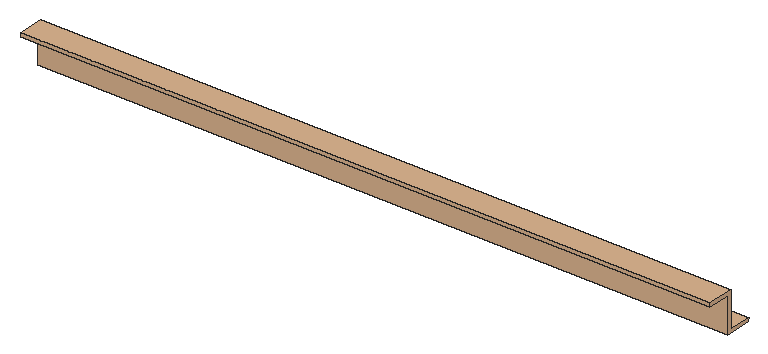
Revit family
Parameters
  Width = 6' - 0"
  Warranty Duration (Years) = 0
  URL = "http://www.asilockers.com/"
  Specification = "http://www.arcat.com/sdspecs/htm/10503asi.htm"
  Send Message = "http://www.arcat.com/users.pl?action=UserEmail&company=ASI%20Storage%20Solutions%20Inc.&coid=42798&rep=139&fax=901-312-6197&mf="
  Sales Information = "http://www.asilockers.com/company.html"
  Revision = "R1_08-2010"
  Product Properties = "http://www.arcat.com/bim/bim_info.pl?fn=ASIStorage"
  Product Data = "http://www.arcat.com/arcatcos/cos42/arc42798.html"
  Model = "As Specified in 10 51 13"
  Finish = "Powder Coated To Match Locker Color"
  Color [instance] = Paint - Almond #03
  Manufacturer Website = "http://www.asilockers.com/"
  Manufacturer Phone = "901-312-6195 "
  Manufacturer Fax = "901-312-6197"
  Manufacturer Address = "4444 Delp St., Memphis, TN 38118"
  Manufacturer = "ASI Storage Solutions Inc."
  Maintenance Schedule (Months) = 0
  Keynote = "10 51 13"
  Installation-Fabrication = "http://www.asilockers.com/installation-assembly/installation.pdf"
  Installation Phase = ""
  Height = 0' - 4"
  Expected Lifespan (Years) = 0
  Drawn By = "Robert S. Weygant, CSI, CDT, SCIP"
  Description = "As Specified in 10 51 13"
  Depth = 0' - 5"
  Copyright = "2010, ARCAT, Inc"
  Construction Details = "http://www.asilockers.com/installation-assembly/one-page-assembly.pdf"
  Color Chart = "http://www.asilockers.com/color-guide.html"
  Assembly Code = "E2010200"
Reference planes (in)
  plane 1 "Center (Front/Back)": y = -0.76892
  plane 2 "Bottom": z = 0
  plane 3 "Center (Left/Right)": x = -2
  plane 4 "Front": y = -3.26892
  plane 5 "Back": y = 1.73108
  plane 6 "Left": x = -38
  plane 7 "Right": x = 34
  plane 8 "BO Bench": z = 4
Forms (in)
  Extrusion 1, solid, material "Paint - Almond #03" <- "Color"
    sketch origin (-2, 0, 0) x (0, 1, 0) y (0, 0, 1)
      loop
        line (-0.58142, 4) -> (-3.26892, 4) -> (-3.26892, 3.625) -> (-0.95642, 3.625) -> (-0.95642, 0) -> (1.73108, 0) -> (1.73108, 0.375) -> (-0.58142, 0.375) -> (-0.58142, 4)
    from -36 to 36
Dimensions and locks (in)
  "Width": plane 6 "Left" to plane 7 "Right"
  "Depth": plane 5 "Back" to plane 4 "Front"
  equal spacing: plane 5 "Back", plane 1 "Center (Front/Back)", plane 4 "Front"
  equal spacing: plane 6 "Left", plane 3 "Center (Left/Right)", plane 7 "Right"
  "Height": plane 8 "BO Bench" to level
  aligned and locked: Extrusion 1 to plane 6 "Left"
  aligned and locked: plane 7 "Right" to Extrusion 1
Automatic sketch dimensions
  Extrusion 1 sketch curve to level = 0' - 0"
  Extrusion 1 sketch curve to plane 4 "Front" = 0' - 0"
  level to Extrusion 1 sketch curve = 0' - 0 3/8"
  Extrusion 1 sketch curve to plane 5 "Back" = 0' - 0"
  plane 1 "Center (Front/Back)" to Extrusion 1 sketch curve = 0' - 0 3/16"
  Extrusion 1 sketch curve to plane 1 "Center (Front/Back)" = 0' - 0 3/16"
  Extrusion 1 sketch curve to Extrusion 1 sketch curve = 0' - 0 3/8"
  Extrusion 1 sketch curve to plane 8 "BO Bench" = 0' - 0"
